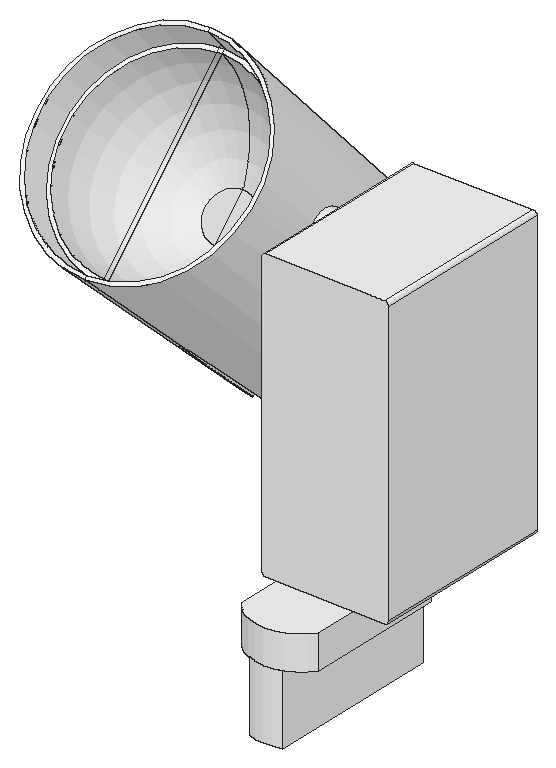
Revit family "0004926 Feilo Sylvania Lighting Fixture START TRACK SPOT S DALI 1928LM 930 WB WHT", category Lighting Fixtures, host Face, Revit 2017
Family settings
  Host = Face
  Round Connector Dimension = Use Diameter
  Part Type = Normal
  OmniClass Number = 23.80.70.00
  OmniClass Title = Lighting
  Cut with Voids When Loaded = No
  Light Source = No
  Shared = No
  Room Calculation Point = No
Parameters (values of type "0004926 START TRACK SPOT S DALI 1928LM 930 WB WHT")
  Weight = "0.966 kg"
  Wattage Comments = ""
  WarrantyStartDate [instance] = "n/a"
  WarrantyGuarantorParts = "n/a"
  WarrantyDurationUnit = "n/a"
  WarrantyDurationParts = "n/a"
  WarrantyDescription = "n/a"
  Voltage = 230 V
  URL = "http://www.sylvania-lighting.com/"
  TypeName = "START TRACK SPOT S DALI 1928LM 930 WB WHT"
  TypeHead_FEILO = Start Track Spot Head : 0004864 START TRACK SPOT S 24W 3K RA90 WB WHITE
  TypeBox_FEILO = Start Track Spot Box : Type Small White
  Type Image = <None>
  Type Comments = "n/a"
  VerticalRotation_FEILO [instance] = 0.00°
  SlideEndAngle_FEILO [instance] = VerticalRotation_FEILO + 180.00°  # 180.00°
  SerialNumber [instance] = "n/a"
  Material_3_FEILO = none
  PowerFactor = 0.95
  PowerConsumption = "24 W"
  NominalLength = 0 mm
  NominalHeight = 200 mm
  NominalDepth = 140 mm
  Name = "START TRACK SPOT S DALI 1928LM 930 WB WHT"
  ModelReference = Name  # "START TRACK SPOT S DALI 1928LM 930 WB WHT"
  ModelNumber = "0004926"
  Model = Name  # "START TRACK SPOT S DALI 1928LM 930 WB WHT"
  Material = "adc12 aluminium housing, polycarbonate diffuser"
  ManufacturerName = "Feilo Sylvania"
  Manufacturer = "Feilo Sylvania"
  LuminousEfficacy = "80 lm/W"
  LuminaireType = ""
  LightOutputRatio = "100"
  LampsType = Lamp  # "LED"
  LampNominalLuminous = "1928 lm"
  LampMacAdamStep = "3"
  LampColourTemperature = "3000 K"
  LampColourRenderingIndex = "90"
  Lamp = "LED"
  Keynote = "16500"
  InstallationDate [instance] = "n/a"
  InputVoltage = "230-240V~"
  InputNominalFrequency = "50/60 Hz"
  IngressProtection = "IP20"
  ImpactProtectionIndex = "IK02"
  IfcExportType = "IfcLightFixtureType"
  IfcExportAs = "IfcLightFixtureType"
  HorizontalRotation_FEILO [instance] = 45.00°
  ExpectedLife = 50000
  ElectricShockClassification = "Class II"
  DurationUnit = "hours"
  DocumentationLiterature = "http://www.sylvania-lighting.com/product/en-int/products/0004864"
  DimmingControlOptions = "Dimmable"
  Material_2_FEILO = none
  Description = "Integrated LED spotlight, Textured White - RAL9016, compact and minimalist design, ideal for retail applications, die-cast aluminium body, passive cooling heatsink. Beam angle: 64°, color temperature: 3000K , total system power: 24W, total fixture output: 1928 lm, LOR: 100%, colour rendering: Ra: 90 typical, LED Chromaticity: 3 step MacAdam ellipse, lifetime: >50000 hours at L70B50, energy class: A++, A+, A, IR/UV free light source without heat radiation, operating voltage: 220-240V / 50-60Hz, drive current: 600mA, electronic driver, non-dimmable, power factor: 0.95, electrical protection: Class II, Global Track 3 Phase adapter suitable for Global trac 3-circuit tracks, ingress protection rating: IP20, suitable for internal environment only, horizontal rotation: 355°, vertical tilt: 90°, dimensions: Ø86x140x200, weight: 0.966kg."
  Default Elevation = 1219.2 mm
  CreatedOn = "04/26/2018"
  CreatedBy = ""
  Cost = 0
  built-in parameter 1114216 [instance] = (empty or 0)
  ClassificationValue = "EF_70_80"
  ClassificationName = "Uniclass2015"
  Material_1_FEILO = Body-Sylvania-StartTrackSpot-White
  BarCode [instance] = "n/a"
  AssetType = "Fixed"
  AssetIdentifier [instance] = "n/a"
  Assembly Code = "D5020200"
  Apparent Load = 24 VA
  Material_4_FEILO = none
Reference planes
  plane 1 "Center (Front/Back)": y = 0
  plane 2: z = 0
  plane 3 "Center (Left/Right)": x = 0
  plane 4: x = 15
  plane 5: x = -15
  plane 6: y = 35
  plane 7: y = -35
  plane 8: z = 13
  plane 9: z = -27
  plane 10: x = 6.5
  plane 11: x = -6.5
  plane 12: y = 27
  plane 13: y = -27
  plane 14: y = 20
Forms (mm)
  Extrusion 1, solid, material "Body-Sylvania-StartTrackSpot-White" <- "Material_1_FEILO"
    sketch origin (0, 0, 0) x (1, 0, 0) y (0, 1, 0)
      loop
        line (-15, 27) -> (-15, -27)
        arc (-15, -27) -> (0, -35) -> (15, -27) r 18.062
        line (15, -27) -> (15, 27)
        arc (15, 27) -> (0, 35) -> (-15, 27) r 18.062
    from 0 to 13
  Extrusion 2, solid, material "Body-Sylvania-StartTrackSpot-White" <- "Material_1_FEILO"
    sketch origin (0, 0, 0) x (1, 0, 0) y (0, 1, 0)
      loop
        arc (6.5, 33.79) -> (0, 35) -> (-6.5, 33.79) r 18.062
        line (-6.5, 33.79) -> (-6.5, -33.79)
        arc (-6.5, -33.79) -> (0, -35) -> (6.5, -33.79) r 18.062
        line (6.5, -33.79) -> (6.5, 33.79)
    from 0 to -27
  Revolve 3, solid, not visible
    sketch origin (1524, 20, 1219.2) x (1, 0, 0) y (0, 0, 1)
      loop
        line (-1524, -1206.2) -> (-1524, -1191.285) -> (-1530.5, -1191.285) -> (-1530.5, -1206.2) -> (-1524, -1206.2)
      axis (-1524, -1191.285) -> (-1524, -1206.2)
    angle from 0 <- "VerticalRotation_FEILO" to 180 <- "SlideEndAngle_FEILO"
Cuts and joins
  joined: Extrusion 1, Extrusion 2
Dimensions and locks
  equal spacing: plane 10, plane 3 "Center (Left/Right)", plane 11
  equal spacing: plane 4, plane 3 "Center (Left/Right)", plane 5
  locked: plane 8 to plane 2 at 13
  locked: plane 8 to plane 9 at 40
  equal spacing: plane 13, plane 1 "Center (Front/Back)", plane 12
  locked: plane 12 to plane 6 at 8
  locked: plane 14 to plane 6 at 15
  locked: Revolve 3 sketch curve to plane 8 at 14.915
  aligned and locked: plane 2 to host face
  aligned and locked: level to host face
  aligned and locked: plane 5 to Extrusion 1 sketch curve  (x2)
  aligned and locked: plane 12 to Extrusion 1 sketch curve
  aligned and locked: plane 13 to Extrusion 1 sketch curve
  aligned and locked: plane 4 to Extrusion 1 sketch curve
  aligned and locked: Extrusion 1 to plane 8
  aligned and locked: Extrusion 1 to level
  aligned and locked: Extrusion 2 sketch curve to Extrusion 1  (x2)
  aligned and locked: Extrusion 2 sketch curve to plane 11
  aligned and locked: plane 10 to Extrusion 2 sketch curve
  aligned and locked: plane 9 to Extrusion 2
  aligned and locked: level to Extrusion 2
  aligned and locked: Revolve 3 sketch curve to plane 3 "Center (Left/Right)"  (x2)
  aligned and locked: plane 11 to Revolve 3 sketch curve
  aligned and locked: Revolve 3 sketch curve to plane 8
Automatic sketch dimensions
  host sketch curve to host sketch curve = 2438.4 mm  (x2)
  Extrusion 1 sketch curve to plane 3 "Center (Left/Right)" = 0 mm  (x2)
  Extrusion 1 sketch curve to plane 13 = 10.062 mm
  plane 12 to Extrusion 1 sketch curve = 10.062 mm
  Revolve 3 sketch curve to plane 3 "Center (Left/Right)" = 0 mm
  plane 9 to Revolve 3 sketch curve = 582.6 mm
  Revolve 3 sketch curve to Revolve 3 sketch curve = 2581.144 mm
Nested families
  nested 1: "Start Track Spot Head" at (-62, 20, 112.529) x (0, 0.7071, 0.7071) z (0, 0.7071, -0.7071), type <- "TypeHead_FEILO", type "0004864 START TRACK SPOT S 24W 3K RA90 WB WHITE"
    with built-in parameter 1114216 (empty or 0)
  nested 2: "Start Track Spot Box" at (8.5, 20, 73) x (-1, 0, 0) z (0, -1, 0), BoxStartAngle_FEILO <- "HorizontalRotation_FEILO", type <- "TypeBox_FEILO", type "Type Small White"
    with BoxStartAngle_FEILO 45.00°, BoxEndAngle_FEILO -135.00°
Connectors
  electrical at (0, 0, 0), driven by "Apparent Load", driven by "PowerFactor", driven by "Voltage"
    settings: index 1, voltage 230 V, apparent load 24 VA, apparent load phase1 0 VA, apparent load phase2 0 VA, apparent load phase3 0 VA, power factor 0.95, load classification "Lighting", number of poles 1, system type 30, power factor state 1, is connector primary yes, connector utility no, sub classification motor no, connector description ""
Definition of nested family "Start Track Spot Head"
  Parameters (values of type "0004811 START TRACK SPOT S 14W 3K RA80 NB WHITE")
    Wattage Comments = "n/a"
    Wattage = 14 W
    built-in parameter 1150110 = 1 (stored number, unit not read)
    URL = "http://www.feilosylvania.com"
    Type Image = (empty or 0)
    Type Comments = "n/a"
    built-in parameter 1114217 = 1 (stored number, unit not read)
    Tilt Angle = -90.00°
    built-in parameter 1150109 = 1 (stored number, unit not read)
    built-in parameter 1150134 = (empty or 0)
    built-in parameter 1150113 = 1 (stored number, unit not read)
    Photometric Web File = "0004811.ies"
    Material_3_FEILO = none
    Model = "START TRACK SPOT S 14W 3K RA80 NB WHITE"
    Manufacturer = "Feilo Sylvania"
    built-in parameter 1150105 = 123.66 (stored number, unit not read)
    Lumens = 1554 lm
    built-in parameter 1150115 = 1 (stored number, unit not read)
    built-in parameter 1150137 = (empty or 0)
    built-in parameter 1150139 = (empty or 0)
    built-in parameter 1150112 = 1 (stored number, unit not read)
    built-in parameter 1150114 = 1 (stored number, unit not read)
    Lamp = "LED"
    Keynote = "16500"
    Material_2_FEILO = none
    built-in parameter 1150132 = (empty or 0)
    built-in parameter 1150102 = (empty or 0)
    built-in parameter 1150107 = 3000 (stored number, unit not read)
    built-in parameter 1150138 = (empty or 0)
    built-in parameter 1150106 = 1.2366 (stored number, unit not read)
    HeadThickness_FEILO = if(HeadDiaOut_FEILO > 112 mm, 2 mm, 1.5 mm)  # 1.5 mm
    HeadRibOffset_FEILO = HeadHeight_FEILO / 28  # 4.179 mm
    HeadRibDepth_FEILO = HeadHeight_FEILO / 2.1  # 55.714 mm
    HeadRibCutWidth_FEILO = HeadDiaOut_FEILO / 12  # 7.167 mm
    HeadRibCutOffset_FEILO = HeadHeight_FEILO / 2.3  # 50.87 mm
    HeadReflectorRadius_FEILO = HeadDiaOut_FEILO / 1.7  # 50.588 mm
    HeadReflectorOffset_FEILO = HeadHeight_FEILO / 2.1  # 55.714 mm
    HeadLEDRadius_FEILO = HeadDiaOut_FEILO / 9  # 9.556 mm
    HeadHeight_FEILO = 117 mm
    HeadDraft_FEILO = 1 mm
    HeadDiffusorThickness_FEILO = 3 mm
    HeadDiffusorOffset_FEILO = HeadHeight_FEILO / 12.4  # 9.435 mm
    HeadDiaOut_FEILO = 86 mm
    HeadDiaIn_FEILO = HeadDiaOut_FEILO / 1.11  # 77.477 mm
    HeadAxisFromTop_FEILO = HeadHeight_FEILO / 1.687  # 69.354 mm
    Emit from Circle Diameter = HeadDiaIn_FEILO  # 77.477 mm
    Emit Shape Visible in Rendering = no
    built-in parameter 1150104 = 10.312 (stored number, unit not read)
    Dimming Lamp Color Temperature Shift = (empty or 0)
    Description = "Integrated LED spotlight, Textured White - RAL9016, compact and minimalist design, ideal for retail applications, die-cast aluminium body, passive cooling heatsink. Beam angle: 12°, color temperature: 3000K , total system power: 14W, total fixture output: 1551 lm, LOR: 100%, colour rendering: Ra: 80 typical, LED Chromaticity: 3 step MacAdam ellipse, lifetime: >50000 hours at L70B50, energy class: A++, A+, A, IR/UV free light source without heat radiation, operating voltage: 220-240V / 50-60Hz, drive current: 350mA, electronic driver, non-dimmable, power factor: 0.92, electrical protection: Class II, Global Track 3 Phase adapter suitable for Global trac 3-circuit tracks, ingress protection rating: IP20, suitable for internal environment only, horizontal rotation: 355°, vertical tilt: 90°, dimensions: Ø86x140x200, weight: 0.940kg."
    Default Elevation = 1219.2 mm
    Cost = 0
    Color Filter = 16777215
    built-in parameter 1114216 [instance] = (empty or 0)
    Material_1_FEILO = none
    built-in parameter 1114218 = 1 (stored number, unit not read)
    built-in parameter 1150133 = 10 (stored number, unit not read)
    Assembly Code = "D5020200"
    Apparent Load = 14 VA
    Material_4_FEILO = none
  Types (96, lengths in mm): name | Wattage | built-in parameter 1150134 | Photometric Web File | Model | built-in parameter 1150105 | Lumens | built-in parameter 1150107 | built-in parameter 1150106 | HeadThickness_FEILO | HeadRibOffset_FEILO | HeadRibDepth_FEILO | HeadRibCutWidth_FEILO | HeadRibCutOffset_FEILO | HeadReflectorRadius_FEILO | HeadReflectorOffset_FEILO | HeadLEDRadius_FEILO | HeadHeight_FEILO | HeadDiffusorOffset_FEILO | HeadDiaOut_FEILO | HeadDiaIn_FEILO | HeadAxisFromTop_FEILO | Emit from Circle Diameter | built-in parameter 1150104 | Description | Apparent Load
    0004906 START TRACK SPOT L 55W 4K RA90 WB BLACK | 55 W | 12 | "0004906.ies" | "START TRACK SPOT L 55W 4K RA90 WB BLACK" | 385.15 (stored number, unit not read) | 4840 lm | 4000 (stored number, unit not read) | 3.8515 (stored number, unit not read) | 2 | 4.429 | 59.048 | 9.417 | 53.913 | 66.471 | 59.048 | 12.556 | 124 | 10 | 113 | 101.802 | 73.503 | 101.802 | 8.1755 (stored number, unit not read) | "Integrated LED spotlight, Textured Black - RAL9005, compact and minimalist design, ideal for retail applications, die-cast aluminium body, passive cooling heatsink. Beam angle: 52°, color temperature: 4000K , total system power: 55W, total fixture output: 4824 lm, LOR: 100%, colour rendering: Ra: 90 typical, LED Chromaticity: 3 step MacAdam ellipse, lifetime: >50000 hours at L70B50, energy class: A++, A+, A, IR/UV free light source without heat radiation, operating voltage: 220-240V / 50-60Hz, drive current: 1400mA, electronic driver, non-dimmable, power factor: 0.96, electrical protection: Class II, Global Track 3 Phase adapter suitable for Global trac 3-circuit tracks, ingress protection rating: IP20, suitable for internal environment only, horizontal rotation: 355°, vertical tilt: 90°, dimensions: Ø113x164x240, weight: 1.398kg." | 55 VA
    0004905 START TRACK SPOT L 55W 4K RA90 MB BLACK | 55 W | 12 | "0004905.ies" | "START TRACK SPOT L 55W 4K RA90 MB BLACK" | 389.53 (stored number, unit not read) | 4895 lm | 4000 (stored number, unit not read) | 3.8953 (stored number, unit not read) | 2 | 4.429 | 59.048 | 9.417 | 53.913 | 66.471 | 59.048 | 12.556 | 124 | 10 | 113 | 101.802 | 73.503 | 101.802 | 8.2684 (stored number, unit not read) | "Integrated LED spotlight, Textured Black - RAL9005, compact and minimalist design, ideal for retail applications, die-cast aluminium body, passive cooling heatsink. Beam angle: 38°, color temperature: 4000K , total system power: 55W, total fixture output: 4897 lm, LOR: 100%, colour rendering: Ra: 90 typical, LED Chromaticity: 3 step MacAdam ellipse, lifetime: >50000 hours at L70B50, energy class: A++, A+, A, IR/UV free light source without heat radiation, operating voltage: 220-240V / 50-60Hz, drive current: 1400mA, electronic driver, non-dimmable, power factor: 0.96, electrical protection: Class II, Global Track 3 Phase adapter suitable for Global trac 3-circuit tracks, ingress protection rating: IP20, suitable for internal environment only, horizontal rotation: 355°, vertical tilt: 90°, dimensions: Ø113x164x240, weight: 1.398kg." | 55 VA
    0004904 START TRACK SPOT L 55W 4K RA90 NB BLACK | 55 W | 12 | "0004904.ies" | "START TRACK SPOT L 55W 4K RA90 NB BLACK" | 393.91 (stored number, unit not read) | 4950 lm | 4000 (stored number, unit not read) | 3.9391 (stored number, unit not read) | 2 | 4.429 | 59.048 | 9.417 | 53.913 | 66.471 | 59.048 | 12.556 | 124 | 10 | 113 | 101.802 | 73.503 | 101.802 | 8.3613 (stored number, unit not read) | "Integrated LED spotlight, Textured Black - RAL9005, compact and minimalist design, ideal for retail applications, die-cast aluminium body, passive cooling heatsink. Beam angle: 15°, color temperature: 4000K , total system power: 55W, total fixture output: 4965 lm, LOR: 100%, colour rendering: Ra: 90 typical, LED Chromaticity: 3 step MacAdam ellipse, lifetime: >50000 hours at L70B50, energy class: A++, A+, A, IR/UV free light source without heat radiation, operating voltage: 220-240V / 50-60Hz, drive current: 1400mA, electronic driver, non-dimmable, power factor: 0.96, electrical protection: Class II, Global Track 3 Phase adapter suitable for Global trac 3-circuit tracks, ingress protection rating: IP20, suitable for internal environment only, horizontal rotation: 355°, vertical tilt: 90°, dimensions: Ø113x164x240, weight: 1.398kg." | 55 VA
    0004903 START TRACK SPOT L 35W 4K RA90 WB BLACK | 35 W | 12 | "0004903.ies" | "START TRACK SPOT L 35W 4K RA90 WB BLACK" | 284.09 (stored number, unit not read) | 3570 lm | 4000 (stored number, unit not read) | 2.8409 (stored number, unit not read) | 2 | 4.429 | 59.048 | 9.417 | 53.913 | 66.471 | 59.048 | 12.556 | 124 | 10 | 113 | 101.802 | 73.503 | 101.802 | 9.4761 (stored number, unit not read) | "Integrated LED spotlight, Textured Black - RAL9005, compact and minimalist design, ideal for retail applications, die-cast aluminium body, passive cooling heatsink. Beam angle: 52°, color temperature: 4000K , total system power: 35W, total fixture output: 3562 lm, LOR: 100%, colour rendering: Ra: 90 typical, LED Chromaticity: 3 step MacAdam ellipse, lifetime: >50000 hours at L70B50, energy class: A++, A+, A, IR/UV free light source without heat radiation, operating voltage: 220-240V / 50-60Hz, drive current: 900mA, electronic driver, non-dimmable, power factor: 0.93, electrical protection: Class II, Global Track 3 Phase adapter suitable for Global trac 3-circuit tracks, ingress protection rating: IP20, suitable for internal environment only, horizontal rotation: 355°, vertical tilt: 90°, dimensions: Ø113x164x240, weight: 1.368kg." | 35 VA
    0004902 START TRACK SPOT L 35W 4K RA90 MB BLACK | 35 W | 12 | "0004902.ies" | "START TRACK SPOT L 35W 4K RA90 MB BLACK" | 286.88 (stored number, unit not read) | 3605 lm | 4000 (stored number, unit not read) | 2.8688 (stored number, unit not read) | 2 | 4.429 | 59.048 | 9.417 | 53.913 | 66.471 | 59.048 | 12.556 | 124 | 10 | 113 | 101.802 | 73.503 | 101.802 | 9.569 (stored number, unit not read) | "Integrated LED spotlight, Textured Black - RAL9005, compact and minimalist design, ideal for retail applications, die-cast aluminium body, passive cooling heatsink. Beam angle: 38°, color temperature: 4000K , total system power: 35W, total fixture output: 3616 lm, LOR: 100%, colour rendering: Ra: 90 typical, LED Chromaticity: 3 step MacAdam ellipse, lifetime: >50000 hours at L70B50, energy class: A++, A+, A, IR/UV free light source without heat radiation, operating voltage: 220-240V / 50-60Hz, drive current: 900mA, electronic driver, non-dimmable, power factor: 0.93, electrical protection: Class II, Global Track 3 Phase adapter suitable for Global trac 3-circuit tracks, ingress protection rating: IP20, suitable for internal environment only, horizontal rotation: 355°, vertical tilt: 90°, dimensions: Ø113x164x240, weight: 1.368kg." | 35 VA
    0004901 START TRACK SPOT L 35W 4K RA90 NB BLACK | 35 W | 12 | "0004901.ies" | "START TRACK SPOT L 35W 4K RA90 NB BLACK" | 286.88 (stored number, unit not read) | 3605 lm | 4000 (stored number, unit not read) | 2.8688 (stored number, unit not read) | 2 | 4.429 | 59.048 | 9.417 | 53.913 | 66.471 | 59.048 | 12.556 | 124 | 10 | 113 | 101.802 | 73.503 | 101.802 | 9.569 (stored number, unit not read) | "Integrated LED spotlight, Textured Black - RAL9005, compact and minimalist design, ideal for retail applications, die-cast aluminium body, passive cooling heatsink. Beam angle: 15°, color temperature: 4000K , total system power: 35W, total fixture output: 3593 lm, LOR: 100%, colour rendering: Ra: 90 typical, LED Chromaticity: 3 step MacAdam ellipse, lifetime: >50000 hours at L70B50, energy class: A++, A+, A, IR/UV free light source without heat radiation, operating voltage: 220-240V / 50-60Hz, drive current: 900mA, electronic driver, non-dimmable, power factor: 0.93, electrical protection: Class II, Global Track 3 Phase adapter suitable for Global trac 3-circuit tracks, ingress protection rating: IP20, suitable for internal environment only, horizontal rotation: 355°, vertical tilt: 90°, dimensions: Ø113x164x240, weight: 1.368kg." | 35 VA
    0004900 START TRACK SPOT S 24W 4K RA90 WB BLACK | 24 W | 12 | "0004900.ies" | "START TRACK SPOT S 24W 4K RA90 WB BLACK" | 166.16 (stored number, unit not read) | 2088 lm | 4000 (stored number, unit not read) | 1.6616 (stored number, unit not read) | 1.5 | 4.179 | 55.714 | 7.167 | 50.87 | 50.588 | 55.714 | 9.556 | 117 | 9.435 | 86 | 77.477 | 69.354 | 77.477 | 8.0826 (stored number, unit not read) | "Integrated LED spotlight, Textured Black - RAL9005, compact and minimalist design, ideal for retail applications, die-cast aluminium body, passive cooling heatsink. Beam angle: 64°, color temperature: 4000K , total system power: 24W, total fixture output: 2087 lm, LOR: 100%, colour rendering: Ra: 90 typical, LED Chromaticity: 3 step MacAdam ellipse, lifetime: >50000 hours at L70B50, energy class: A++, A+, A, IR/UV free light source without heat radiation, operating voltage: 220-240V / 50-60Hz, drive current: 600mA, electronic driver, non-dimmable, power factor: 0.95, electrical protection: Class II, Global Track 3 Phase adapter suitable for Global trac 3-circuit tracks, ingress protection rating: IP20, suitable for internal environment only, horizontal rotation: 355°, vertical tilt: 90°, dimensions: Ø86x140x200, weight: 0.966kg." | 24 VA
    0004899 START TRACK SPOT S 24W 4K RA90 MB BLACK | 24 W | 12 | "0004899.ies" | "START TRACK SPOT S 24W 4K RA90 MB BLACK" | 169.98 (stored number, unit not read) | 2136 lm | 4000 (stored number, unit not read) | 1.6998 (stored number, unit not read) | 1.5 | 4.179 | 55.714 | 7.167 | 50.87 | 50.588 | 55.714 | 9.556 | 117 | 9.435 | 86 | 77.477 | 69.354 | 77.477 | 8.2684 (stored number, unit not read) | "Integrated LED spotlight, Textured Black - RAL9005, compact and minimalist design, ideal for retail applications, die-cast aluminium body, passive cooling heatsink. Beam angle: 36°, color temperature: 4000K , total system power: 24W, total fixture output: 2141 lm, LOR: 100%, colour rendering: Ra: 90 typical, LED Chromaticity: 3 step MacAdam ellipse, lifetime: >50000 hours at L70B50, energy class: A++, A+, A, IR/UV free light source without heat radiation, operating voltage: 220-240V / 50-60Hz, drive current: 600mA, electronic driver, non-dimmable, power factor: 0.95, electrical protection: Class II, Global Track 3 Phase adapter suitable for Global trac 3-circuit tracks, ingress protection rating: IP20, suitable for internal environment only, horizontal rotation: 355°, vertical tilt: 90°, dimensions: Ø86x140x200, weight: 0.966kg." | 24 VA
    0004898 START TRACK SPOT S 24W 4K RA90 NB BLACK | 24 W | 12 | "0004898.ies" | "START TRACK SPOT S 24W 4K RA90 NB BLACK" | 171.89 (stored number, unit not read) | 2160 lm | 4000 (stored number, unit not read) | 1.7189 (stored number, unit not read) | 1.5 | 4.179 | 55.714 | 7.167 | 50.87 | 50.588 | 55.714 | 9.556 | 117 | 9.435 | 86 | 77.477 | 69.354 | 77.477 | 8.3613 (stored number, unit not read) | "Integrated LED spotlight, Textured Black - RAL9005, compact and minimalist design, ideal for retail applications, die-cast aluminium body, passive cooling heatsink. Beam angle: 12°, color temperature: 4000K , total system power: 24W, total fixture output: 2155 lm, LOR: 100%, colour rendering: Ra: 90 typical, LED Chromaticity: 3 step MacAdam ellipse, lifetime: >50000 hours at L70B50, energy class: A++, A+, A, IR/UV free light source without heat radiation, operating voltage: 220-240V / 50-60Hz, drive current: 600mA, electronic driver, non-dimmable, power factor: 0.95, electrical protection: Class II, Global Track 3 Phase adapter suitable for Global trac 3-circuit tracks, ingress protection rating: IP20, suitable for internal environment only, horizontal rotation: 355°, vertical tilt: 90°, dimensions: Ø86x140x200, weight: 0.966kg." | 24 VA
    0004897 START TRACK SPOT S 14W 4K RA90 WB BLACK | 14 W | 12 | "0004897.ies" | "START TRACK SPOT S 14W 4K RA90 WB BLACK" | 108.07 (stored number, unit not read) | 1358 lm | 4000 (stored number, unit not read) | 1.0807 (stored number, unit not read) | 1.5 | 4.179 | 55.714 | 7.167 | 50.87 | 50.588 | 55.714 | 9.556 | 117 | 9.435 | 86 | 77.477 | 69.354 | 77.477 | 9.0116 (stored number, unit not read) | "Integrated LED spotlight, Textured Black - RAL9005, compact and minimalist design, ideal for retail applications, die-cast aluminium body, passive cooling heatsink. Beam angle: 64°, color temperature: 4000K , total system power: 14W, total fixture output: 1352 lm, LOR: 100%, colour rendering: Ra: 90 typical, LED Chromaticity: 3 step MacAdam ellipse, lifetime: >50000 hours at L70B50, energy class: A++, A+, A, IR/UV free light source without heat radiation, operating voltage: 220-240V / 50-60Hz, drive current: 350mA, electronic driver, non-dimmable, power factor: 0.92, electrical protection: Class II, Global Track 3 Phase adapter suitable for Global trac 3-circuit tracks, ingress protection rating: IP20, suitable for internal environment only, horizontal rotation: 355°, vertical tilt: 90°, dimensions: Ø86x140x200, weight: 0.940kg." | 14 VA
    0004896 START TRACK SPOT S 14W 4K RA90 MB BLACK | 14 W | 12 | "0004896.ies" | "START TRACK SPOT S 14W 4K RA90 MB BLACK" | 108.07 (stored number, unit not read) | 1358 lm | 4000 (stored number, unit not read) | 1.0807 (stored number, unit not read) | 1.5 | 4.179 | 55.714 | 7.167 | 50.87 | 50.588 | 55.714 | 9.556 | 117 | 9.435 | 86 | 77.477 | 69.354 | 77.477 | 9.0116 (stored number, unit not read) | "Integrated LED spotlight, Textured Black - RAL9005, compact and minimalist design, ideal for retail applications, die-cast aluminium body, passive cooling heatsink. Beam angle: 36°, color temperature: 4000K , total system power: 14W, total fixture output: 1359 lm, LOR: 100%, colour rendering: Ra: 90 typical, LED Chromaticity: 3 step MacAdam ellipse, lifetime: >50000 hours at L70B50, energy class: A++, A+, A, IR/UV free light source without heat radiation, operating voltage: 220-240V / 50-60Hz, drive current: 350mA, electronic driver, non-dimmable, power factor: 0.92, electrical protection: Class II, Global Track 3 Phase adapter suitable for Global trac 3-circuit tracks, ingress protection rating: IP20, suitable for internal environment only, horizontal rotation: 355°, vertical tilt: 90°, dimensions: Ø86x140x200, weight: 0.940kg." | 14 VA
    0004895 START TRACK SPOT S 14W 4K RA90 NB BLACK | 14 W | 12 | "0004895.ies" | "START TRACK SPOT S 14W 4K RA90 NB BLACK" | 106.95 (stored number, unit not read) | 1344 lm | 4000 (stored number, unit not read) | 1.0695 (stored number, unit not read) | 1.5 | 4.179 | 55.714 | 7.167 | 50.87 | 50.588 | 55.714 | 9.556 | 117 | 9.435 | 86 | 77.477 | 69.354 | 77.477 | 8.9187 (stored number, unit not read) | "Integrated LED spotlight, Textured Black - RAL9005, compact and minimalist design, ideal for retail applications, die-cast aluminium body, passive cooling heatsink. Beam angle: 12°, color temperature: 4000K , total system power: 14W, total fixture output: 1349 lm, LOR: 100%, colour rendering: Ra: 90 typical, LED Chromaticity: 3 step MacAdam ellipse, lifetime: >50000 hours at L70B50, energy class: A++, A+, A, IR/UV free light source without heat radiation, operating voltage: 220-240V / 50-60Hz, drive current: 350mA, electronic driver, non-dimmable, power factor: 0.92, electrical protection: Class II, Global Track 3 Phase adapter suitable for Global trac 3-circuit tracks, ingress protection rating: IP20, suitable for internal environment only, horizontal rotation: 355°, vertical tilt: 90°, dimensions: Ø86x140x200, weight: 0.940kg." | 14 VA
    0004894 START TRACK SPOT L 55W 3K RA90 WB BLACK | 55 W | (empty or 0) | "0004894.ies" | "START TRACK SPOT L 55W 3K RA90 WB BLACK" | 350.14 (stored number, unit not read) | 4400 lm | 3000 (stored number, unit not read) | 3.5014 (stored number, unit not read) | 2 | 4.429 | 59.048 | 9.417 | 53.913 | 66.471 | 59.048 | 12.556 | 124 | 10 | 113 | 101.802 | 73.503 | 101.802 | 7.4322 (stored number, unit not read) | "Integrated LED spotlight, Textured Black - RAL9005, compact and minimalist design, ideal for retail applications, die-cast aluminium body, passive cooling heatsink. Beam angle: 52°, color temperature: 3000K , total system power: 55W, total fixture output: 4405 lm, LOR: 100%, colour rendering: Ra: 90 typical, LED Chromaticity: 3 step MacAdam ellipse, lifetime: >50000 hours at L70B50, energy class: A++, A+, A, IR/UV free light source without heat radiation, operating voltage: 220-240V / 50-60Hz, drive current: 1400mA, electronic driver, non-dimmable, power factor: 0.96, electrical protection: Class II, Global Track 3 Phase adapter suitable for Global trac 3-circuit tracks, ingress protection rating: IP20, suitable for internal environment only, horizontal rotation: 355°, vertical tilt: 90°, dimensions: Ø113x164x240, weight: 1.398kg." | 55 VA
    0004893 START TRACK SPOT L 55W 3K RA90 MB BLACK | 55 W | (empty or 0) | "0004893.ies" | "START TRACK SPOT L 55W 3K RA90 MB BLACK" | 354.52 (stored number, unit not read) | 4455 lm | 3000 (stored number, unit not read) | 3.5452 (stored number, unit not read) | 2 | 4.429 | 59.048 | 9.417 | 53.913 | 66.471 | 59.048 | 12.556 | 124 | 10 | 113 | 101.802 | 73.503 | 101.802 | 7.5251 (stored number, unit not read) | "Integrated LED spotlight, Textured Black - RAL9005, compact and minimalist design, ideal for retail applications, die-cast aluminium body, passive cooling heatsink. Beam angle: 38°, color temperature: 3000K , total system power: 55W, total fixture output: 4448 lm, LOR: 100%, colour rendering: Ra: 90 typical, LED Chromaticity: 3 step MacAdam ellipse, lifetime: >50000 hours at L70B50, energy class: A++, A+, A, IR/UV free light source without heat radiation, operating voltage: 220-240V / 50-60Hz, drive current: 1400mA, electronic driver, non-dimmable, power factor: 0.96, electrical protection: Class II, Global Track 3 Phase adapter suitable for Global trac 3-circuit tracks, ingress protection rating: IP20, suitable for internal environment only, horizontal rotation: 355°, vertical tilt: 90°, dimensions: Ø113x164x240, weight: 1.398kg." | 55 VA
    0004892 START TRACK SPOT L 55W 3K RA90 NB BLACK | 55 W | (empty or 0) | "0004892.ies" | "START TRACK SPOT L 55W 3K RA90 NB BLACK" | 350.14 (stored number, unit not read) | 4400 lm | 3000 (stored number, unit not read) | 3.5014 (stored number, unit not read) | 2 | 4.429 | 59.048 | 9.417 | 53.913 | 66.471 | 59.048 | 12.556 | 124 | 10 | 113 | 101.802 | 73.503 | 101.802 | 7.4322 (stored number, unit not read) | "Integrated LED spotlight, Textured Black - RAL9005, compact and minimalist design, ideal for retail applications, die-cast aluminium body, passive cooling heatsink. Beam angle: 15°, color temperature: 3000K , total system power: 55W, total fixture output: 4416 lm, LOR: 100%, colour rendering: Ra: 90 typical, LED Chromaticity: 3 step MacAdam ellipse, lifetime: >50000 hours at L70B50, energy class: A++, A+, A, IR/UV free light source without heat radiation, operating voltage: 220-240V / 50-60Hz, drive current: 1400mA, electronic driver, non-dimmable, power factor: 0.96, electrical protection: Class II, Global Track 3 Phase adapter suitable for Global trac 3-circuit tracks, ingress protection rating: IP20, suitable for internal environment only, horizontal rotation: 355°, vertical tilt: 90°, dimensions: Ø113x164x240, weight: 1.398kg." | 55 VA
    0004891 START TRACK SPOT L 35W 3K RA90 WB BLACK | 35 W | (empty or 0) | "0004891.ies" | "START TRACK SPOT L 35W 3K RA90 WB BLACK" | 259.02 (stored number, unit not read) | 3255 lm | 3000 (stored number, unit not read) | 2.5902 (stored number, unit not read) | 2 | 4.429 | 59.048 | 9.417 | 53.913 | 66.471 | 59.048 | 12.556 | 124 | 10 | 113 | 101.802 | 73.503 | 101.802 | 8.64 (stored number, unit not read) | "Integrated LED spotlight, Textured Black - RAL9005, compact and minimalist design, ideal for retail applications, die-cast aluminium body, passive cooling heatsink. Beam angle: 52°, color temperature: 3000K , total system power: 35W, total fixture output: 3260 lm, LOR: 100%, colour rendering: Ra: 90 typical, LED Chromaticity: 3 step MacAdam ellipse, lifetime: >50000 hours at L70B50, energy class: A++, A+, A, IR/UV free light source without heat radiation, operating voltage: 220-240V / 50-60Hz, drive current: 900mA, electronic driver, non-dimmable, power factor: 0.93, electrical protection: Class II, Global Track 3 Phase adapter suitable for Global trac 3-circuit tracks, ingress protection rating: IP20, suitable for internal environment only, horizontal rotation: 355°, vertical tilt: 90°, dimensions: Ø113x164x240, weight: 1.368kg." | 35 VA
    0004890 START TRACK SPOT L 35W 3K RA90 MB BLACK | 35 W | (empty or 0) | "0004890.ies" | "START TRACK SPOT L 35W 3K RA90 MB BLACK" | 261.81 (stored number, unit not read) | 3290 lm | 3000 (stored number, unit not read) | 2.6181 (stored number, unit not read) | 2 | 4.429 | 59.048 | 9.417 | 53.913 | 66.471 | 59.048 | 12.556 | 124 | 10 | 113 | 101.802 | 73.503 | 101.802 | 8.7329 (stored number, unit not read) | "Integrated LED spotlight, Textured Black - RAL9005, compact and minimalist design, ideal for retail applications, die-cast aluminium body, passive cooling heatsink. Beam angle: 38°, color temperature: 3000K , total system power: 35W, total fixture output: 3306 lm, LOR: 100%, colour rendering: Ra: 90 typical, LED Chromaticity: 3 step MacAdam ellipse, lifetime: >50000 hours at L70B50, energy class: A++, A+, A, IR/UV free light source without heat radiation, operating voltage: 220-240V / 50-60Hz, drive current: 900mA, electronic driver, non-dimmable, power factor: 0.93, electrical protection: Class II, Global Track 3 Phase adapter suitable for Global trac 3-circuit tracks, ingress protection rating: IP20, suitable for internal environment only, horizontal rotation: 355°, vertical tilt: 90°, dimensions: Ø113x164x240, weight: 1.368kg." | 35 VA
    0004889 START TRACK SPOT L 35W 3K RA90 NB BLACK | 35 W | (empty or 0) | "0004889.ies" | "START TRACK SPOT L 35W 3K RA90 NB BLACK" | 261.81 (stored number, unit not read) | 3290 lm | 3000 (stored number, unit not read) | 2.6181 (stored number, unit not read) | 2 | 4.429 | 59.048 | 9.417 | 53.913 | 66.471 | 59.048 | 12.556 | 124 | 10 | 113 | 101.802 | 73.503 | 101.802 | 8.7329 (stored number, unit not read) | "Integrated LED spotlight, Textured Black - RAL9005, compact and minimalist design, ideal for retail applications, die-cast aluminium body, passive cooling heatsink. Beam angle: 15°, color temperature: 3000K , total system power: 35W, total fixture output: 3287 lm, LOR: 100%, colour rendering: Ra: 90 typical, LED Chromaticity: 3 step MacAdam ellipse, lifetime: >50000 hours at L70B50, energy class: A++, A+, A, IR/UV free light source without heat radiation, operating voltage: 220-240V / 50-60Hz, drive current: 900mA, electronic driver, non-dimmable, power factor: 0.93, electrical protection: Class II, Global Track 3 Phase adapter suitable for Global trac 3-circuit tracks, ingress protection rating: IP20, suitable for internal environment only, horizontal rotation: 355°, vertical tilt: 90°, dimensions: Ø113x164x240, weight: 1.368kg." | 35 VA
    0004888 START TRACK SPOT S 24W 3K RA90 WB BLACK | 24 W | (empty or 0) | "0004888.ies" | "START TRACK SPOT S 24W 3K RA90 WB BLACK" | 152.79 (stored number, unit not read) | 1920 lm | 3000 (stored number, unit not read) | 1.5279 (stored number, unit not read) | 1.5 | 4.179 | 55.714 | 7.167 | 50.87 | 50.588 | 55.714 | 9.556 | 117 | 9.435 | 86 | 77.477 | 69.354 | 77.477 | 7.4322 (stored number, unit not read) | "Integrated LED spotlight, Textured Black - RAL9005, compact and minimalist design, ideal for retail applications, die-cast aluminium body, passive cooling heatsink. Beam angle: 64°, color temperature: 3000K , total system power: 24W, total fixture output: 1928 lm, LOR: 100%, colour rendering: Ra: 90 typical, LED Chromaticity: 3 step MacAdam ellipse, lifetime: >50000 hours at L70B50, energy class: A++, A+, A, IR/UV free light source without heat radiation, operating voltage: 220-240V / 50-60Hz, drive current: 600mA, electronic driver, non-dimmable, power factor: 0.95, electrical protection: Class II, Global Track 3 Phase adapter suitable for Global trac 3-circuit tracks, ingress protection rating: IP20, suitable for internal environment only, horizontal rotation: 355°, vertical tilt: 90°, dimensions: Ø86x140x200, weight: 0.966kg." | 24 VA
    0004887 START TRACK SPOT S 24W 3K RA90 MB BLACK | 24 W | (empty or 0) | "0004887.ies" | "START TRACK SPOT S 24W 3K RA90 MB BLACK" | 154.7 (stored number, unit not read) | 1944 lm | 3000 (stored number, unit not read) | 1.547 (stored number, unit not read) | 1.5 | 4.179 | 55.714 | 7.167 | 50.87 | 50.588 | 55.714 | 9.556 | 117 | 9.435 | 86 | 77.477 | 69.354 | 77.477 | 7.5251 (stored number, unit not read) | "Integrated LED spotlight, Textured Black - RAL9005, compact and minimalist design, ideal for retail applications, die-cast aluminium body, passive cooling heatsink. Beam angle: 36°, color temperature: 3000K , total system power: 24W, total fixture output: 1944 lm, LOR: 100%, colour rendering: Ra: 90 typical, LED Chromaticity: 3 step MacAdam ellipse, lifetime: >50000 hours at L70B50, energy class: A++, A+, A, IR/UV free light source without heat radiation, operating voltage: 220-240V / 50-60Hz, drive current: 600mA, electronic driver, non-dimmable, power factor: 0.95, electrical protection: Class II, Global Track 3 Phase adapter suitable for Global trac 3-circuit tracks, ingress protection rating: IP20, suitable for internal environment only, horizontal rotation: 355°, vertical tilt: 90°, dimensions: Ø86x140x200, weight: 0.966kg." | 24 VA
    0004886 START TRACK SPOT S 24W 3K RA90 NB BLACK | 24 W | (empty or 0) | "0004886.ies" | "START TRACK SPOT S 24W 3K RA90 NB BLACK" | 158.52 (stored number, unit not read) | 1992 lm | 3000 (stored number, unit not read) | 1.5852 (stored number, unit not read) | 1.5 | 4.179 | 55.714 | 7.167 | 50.87 | 50.588 | 55.714 | 9.556 | 117 | 9.435 | 86 | 77.477 | 69.354 | 77.477 | 7.711 (stored number, unit not read) | "Integrated LED spotlight, Textured Black - RAL9005, compact and minimalist design, ideal for retail applications, die-cast aluminium body, passive cooling heatsink. Beam angle: 12°, color temperature: 3000K , total system power: 24W, total fixture output: 1987 lm, LOR: 100%, colour rendering: Ra: 90 typical, LED Chromaticity: 3 step MacAdam ellipse, lifetime: >50000 hours at L70B50, energy class: A++, A+, A, IR/UV free light source without heat radiation, operating voltage: 220-240V / 50-60Hz, drive current: 600mA, electronic driver, non-dimmable, power factor: 0.95, electrical protection: Class II, Global Track 3 Phase adapter suitable for Global trac 3-circuit tracks, ingress protection rating: IP20, suitable for internal environment only, horizontal rotation: 355°, vertical tilt: 90°, dimensions: Ø86x140x200, weight: 0.966kg." | 24 VA
    0004885 START TRACK SPOT S 14W 3K RA90 WB BLACK | 14 W | (empty or 0) | "0004885.ies" | "START TRACK SPOT S 14W 3K RA90 WB BLACK" | 100.27 (stored number, unit not read) | 1260 lm | 3000 (stored number, unit not read) | 1.0027 (stored number, unit not read) | 1.5 | 4.179 | 55.714 | 7.167 | 50.87 | 50.588 | 55.714 | 9.556 | 117 | 9.435 | 86 | 77.477 | 69.354 | 77.477 | 8.3613 (stored number, unit not read) | "Integrated LED spotlight, Textured Black - RAL9005, compact and minimalist design, ideal for retail applications, die-cast aluminium body, passive cooling heatsink. Beam angle: 64°, color temperature: 3000K , total system power: 14W, total fixture output: 1262 lm, LOR: 100%, colour rendering: Ra: 90 typical, LED Chromaticity: 3 step MacAdam ellipse, lifetime: >50000 hours at L70B50, energy class: A++, A+, A, IR/UV free light source without heat radiation, operating voltage: 220-240V / 50-60Hz, drive current: 350mA, electronic driver, non-dimmable, power factor: 0.92, electrical protection: Class II, Global Track 3 Phase adapter suitable for Global trac 3-circuit tracks, ingress protection rating: IP20, suitable for internal environment only, horizontal rotation: 355°, vertical tilt: 90°, dimensions: Ø86x140x200, weight: 0.940kg." | 14 VA
    0004884 START TRACK SPOT S 14W 3K RA90 MB BLACK | 14 W | (empty or 0) | "0004884.ies" | "START TRACK SPOT S 14W 3K RA90 MB BLACK" | 100.27 (stored number, unit not read) | 1260 lm | 3000 (stored number, unit not read) | 1.0027 (stored number, unit not read) | 1.5 | 4.179 | 55.714 | 7.167 | 50.87 | 50.588 | 55.714 | 9.556 | 117 | 9.435 | 86 | 77.477 | 69.354 | 77.477 | 8.3613 (stored number, unit not read) | "Integrated LED spotlight, Textured Black - RAL9005, compact and minimalist design, ideal for retail applications, die-cast aluminium body, passive cooling heatsink. Beam angle: 36°, color temperature: 3000K , total system power: 14W, total fixture output: 1262 lm, LOR: 100%, colour rendering: Ra: 90 typical, LED Chromaticity: 3 step MacAdam ellipse, lifetime: >50000 hours at L70B50, energy class: A++, A+, A, IR/UV free light source without heat radiation, operating voltage: 220-240V / 50-60Hz, drive current: 350mA, electronic driver, non-dimmable, power factor: 0.92, electrical protection: Class II, Global Track 3 Phase adapter suitable for Global trac 3-circuit tracks, ingress protection rating: IP20, suitable for internal environment only, horizontal rotation: 355°, vertical tilt: 90°, dimensions: Ø86x140x200, weight: 0.940kg." | 14 VA
    0004883 START TRACK SPOT S 14W 3K RA90 NB BLACK | 14 W | (empty or 0) | "0004883.ies" | "START TRACK SPOT S 14W 3K RA90 NB BLACK" | 102.5 (stored number, unit not read) | 1288 lm | 3000 (stored number, unit not read) | 1.025 (stored number, unit not read) | 1.5 | 4.179 | 55.714 | 7.167 | 50.87 | 50.588 | 55.714 | 9.556 | 117 | 9.435 | 86 | 77.477 | 69.354 | 77.477 | 8.5471 (stored number, unit not read) | "Integrated LED spotlight, Textured Black - RAL9005, compact and minimalist design, ideal for retail applications, die-cast aluminium body, passive cooling heatsink. Beam angle: 12°, color temperature: 3000K , total system power: 14W, total fixture output: 1284 lm, LOR: 100%, colour rendering: Ra: 90 typical, LED Chromaticity: 3 step MacAdam ellipse, lifetime: >50000 hours at L70B50, energy class: A++, A+, A, IR/UV free light source without heat radiation, operating voltage: 220-240V / 50-60Hz, drive current: 350mA, electronic driver, non-dimmable, power factor: 0.92, electrical protection: Class II, Global Track 3 Phase adapter suitable for Global trac 3-circuit tracks, ingress protection rating: IP20, suitable for internal environment only, horizontal rotation: 355°, vertical tilt: 90°, dimensions: Ø86x140x200, weight: 0.940kg." | 14 VA
    0004882 START TRACK SPOT L 55W 4K RA90 WB WHITE | 55 W | 12 | "0004882.ies" | "START TRACK SPOT L 55W 4K RA90 WB WHITE" | 385.15 (stored number, unit not read) | 4840 lm | 4000 (stored number, unit not read) | 3.8515 (stored number, unit not read) | 2 | 4.429 | 59.048 | 9.417 | 53.913 | 66.471 | 59.048 | 12.556 | 124 | 10 | 113 | 101.802 | 73.503 | 101.802 | 8.1755 (stored number, unit not read) | "Integrated LED spotlight, Textured White - RAL9016, compact and minimalist design, ideal for retail applications, die-cast aluminium body, passive cooling heatsink. Beam angle: 52°, color temperature: 4000K , total system power: 55W, total fixture output: 4824 lm, LOR: 100%, colour rendering: Ra: 90 typical, LED Chromaticity: 3 step MacAdam ellipse, lifetime: >50000 hours at L70B50, energy class: A++, A+, A, IR/UV free light source without heat radiation, operating voltage: 220-240V / 50-60Hz, drive current: 1400mA, electronic driver, non-dimmable, power factor: 0.96, electrical protection: Class II, Global Track 3 Phase adapter suitable for Global trac 3-circuit tracks, ingress protection rating: IP20, suitable for internal environment only, horizontal rotation: 355°, vertical tilt: 90°, dimensions: Ø113x164x240, weight: 1.398kg." | 55 VA
    0004881 START TRACK SPOT L 55W 4K RA90 MB WHITE | 55 W | 12 | "0004881.ies" | "START TRACK SPOT L 55W 4K RA90 MB WHITE" | 389.53 (stored number, unit not read) | 4895 lm | 4000 (stored number, unit not read) | 3.8953 (stored number, unit not read) | 2 | 4.429 | 59.048 | 9.417 | 53.913 | 66.471 | 59.048 | 12.556 | 124 | 10 | 113 | 101.802 | 73.503 | 101.802 | 8.2684 (stored number, unit not read) | "Integrated LED spotlight, Textured White - RAL9016, compact and minimalist design, ideal for retail applications, die-cast aluminium body, passive cooling heatsink. Beam angle: 38°, color temperature: 4000K , total system power: 55W, total fixture output: 4897 lm, LOR: 100%, colour rendering: Ra: 90 typical, LED Chromaticity: 3 step MacAdam ellipse, lifetime: >50000 hours at L70B50, energy class: A++, A+, A, IR/UV free light source without heat radiation, operating voltage: 220-240V / 50-60Hz, drive current: 1400mA, electronic driver, non-dimmable, power factor: 0.96, electrical protection: Class II, Global Track 3 Phase adapter suitable for Global trac 3-circuit tracks, ingress protection rating: IP20, suitable for internal environment only, horizontal rotation: 355°, vertical tilt: 90°, dimensions: Ø113x164x240, weight: 1.398kg." | 55 VA
    0004880 START TRACK SPOT L 55W 4K RA90 NB WHITE | 55 W | 12 | "0004880.ies" | "START TRACK SPOT L 55W 4K RA90 NB WHITE" | 393.91 (stored number, unit not read) | 4950 lm | 4000 (stored number, unit not read) | 3.9391 (stored number, unit not read) | 2 | 4.429 | 59.048 | 9.417 | 53.913 | 66.471 | 59.048 | 12.556 | 124 | 10 | 113 | 101.802 | 73.503 | 101.802 | 8.3613 (stored number, unit not read) | "Integrated LED spotlight, Textured White - RAL9016, compact and minimalist design, ideal for retail applications, die-cast aluminium body, passive cooling heatsink. Beam angle: 15°, color temperature: 4000K , total system power: 55W, total fixture output: 4965 lm, LOR: 100%, colour rendering: Ra: 90 typical, LED Chromaticity: 3 step MacAdam ellipse, lifetime: >50000 hours at L70B50, energy class: A++, A+, A, IR/UV free light source without heat radiation, operating voltage: 220-240V / 50-60Hz, drive current: 1400mA, electronic driver, non-dimmable, power factor: 0.96, electrical protection: Class II, Global Track 3 Phase adapter suitable for Global trac 3-circuit tracks, ingress protection rating: IP20, suitable for internal environment only, horizontal rotation: 355°, vertical tilt: 90°, dimensions: Ø113x164x240, weight: 1.398kg." | 55 VA
    0004879 START TRACK SPOT L 35W 4K RA90 WB WHITE | 35 W | 12 | "0004879.ies" | "START TRACK SPOT L 35W 4K RA90 WB WHITE" | 284.09 (stored number, unit not read) | 3570 lm | 4000 (stored number, unit not read) | 2.8409 (stored number, unit not read) | 2 | 4.429 | 59.048 | 9.417 | 53.913 | 66.471 | 59.048 | 12.556 | 124 | 10 | 113 | 101.802 | 73.503 | 101.802 | 9.4761 (stored number, unit not read) | "Integrated LED spotlight, Textured White - RAL9016, compact and minimalist design, ideal for retail applications, die-cast aluminium body, passive cooling heatsink. Beam angle: 52°, color temperature: 4000K , total system power: 35W, total fixture output: 3562 lm, LOR: 100%, colour rendering: Ra: 90 typical, LED Chromaticity: 3 step MacAdam ellipse, lifetime: >50000 hours at L70B50, energy class: A++, A+, A, IR/UV free light source without heat radiation, operating voltage: 220-240V / 50-60Hz, drive current: 900mA, electronic driver, non-dimmable, power factor: 0.93, electrical protection: Class II, Global Track 3 Phase adapter suitable for Global trac 3-circuit tracks, ingress protection rating: IP20, suitable for internal environment only, horizontal rotation: 355°, vertical tilt: 90°, dimensions: Ø113x164x240, weight: 1.368kg." | 35 VA
    0004878 START TRACK SPOT L 35W 4K RA90 MB WHITE | 35 W | 12 | "0004878.ies" | "START TRACK SPOT L 35W 4K RA90 MB WHITE" | 286.88 (stored number, unit not read) | 3605 lm | 4000 (stored number, unit not read) | 2.8688 (stored number, unit not read) | 2 | 4.429 | 59.048 | 9.417 | 53.913 | 66.471 | 59.048 | 12.556 | 124 | 10 | 113 | 101.802 | 73.503 | 101.802 | 9.569 (stored number, unit not read) | "Integrated LED spotlight, Textured White - RAL9016, compact and minimalist design, ideal for retail applications, die-cast aluminium body, passive cooling heatsink. Beam angle: 38°, color temperature: 4000K , total system power: 35W, total fixture output: 3616 lm, LOR: 100%, colour rendering: Ra: 90 typical, LED Chromaticity: 3 step MacAdam ellipse, lifetime: >50000 hours at L70B50, energy class: A++, A+, A, IR/UV free light source without heat radiation, operating voltage: 220-240V / 50-60Hz, drive current: 900mA, electronic driver, non-dimmable, power factor: 0.93, electrical protection: Class II, Global Track 3 Phase adapter suitable for Global trac 3-circuit tracks, ingress protection rating: IP20, suitable for internal environment only, horizontal rotation: 355°, vertical tilt: 90°, dimensions: Ø113x164x240, weight: 1.368kg." | 35 VA
    0004877 START TRACK SPOT L 35W 4K RA90 NB WHITE | 35 W | 12 | "0004877.ies" | "START TRACK SPOT L 35W 4K RA90 NB WHITE" | 286.88 (stored number, unit not read) | 3605 lm | 4000 (stored number, unit not read) | 2.8688 (stored number, unit not read) | 2 | 4.429 | 59.048 | 9.417 | 53.913 | 66.471 | 59.048 | 12.556 | 124 | 10 | 113 | 101.802 | 73.503 | 101.802 | 9.569 (stored number, unit not read) | "Integrated LED spotlight, Textured White - RAL9016, compact and minimalist design, ideal for retail applications, die-cast aluminium body, passive cooling heatsink. Beam angle: 15°, color temperature: 4000K , total system power: 35W, total fixture output: 3593 lm, LOR: 100%, colour rendering: Ra: 90 typical, LED Chromaticity: 3 step MacAdam ellipse, lifetime: >50000 hours at L70B50, energy class: A++, A+, A, IR/UV free light source without heat radiation, operating voltage: 220-240V / 50-60Hz, drive current: 900mA, electronic driver, non-dimmable, power factor: 0.93, electrical protection: Class II, Global Track 3 Phase adapter suitable for Global trac 3-circuit tracks, ingress protection rating: IP20, suitable for internal environment only, horizontal rotation: 355°, vertical tilt: 90°, dimensions: Ø113x164x240, weight: 1.368kg." | 35 VA
    0004876 START TRACK SPOT S 24W 4K RA90 WB WHITE | 24 W | 12 | "0004876.ies" | "START TRACK SPOT S 24W 4K RA90 WB WHITE" | 166.16 (stored number, unit not read) | 2088 lm | 4000 (stored number, unit not read) | 1.6616 (stored number, unit not read) | 1.5 | 4.179 | 55.714 | 7.167 | 50.87 | 50.588 | 55.714 | 9.556 | 117 | 9.435 | 86 | 77.477 | 69.354 | 77.477 | 8.0826 (stored number, unit not read) | "Integrated LED spotlight, Textured White - RAL9016, compact and minimalist design, ideal for retail applications, die-cast aluminium body, passive cooling heatsink. Beam angle: 64°, color temperature: 4000K , total system power: 24W, total fixture output: 2087 lm, LOR: 100%, colour rendering: Ra: 90 typical, LED Chromaticity: 3 step MacAdam ellipse, lifetime: >50000 hours at L70B50, energy class: A++, A+, A, IR/UV free light source without heat radiation, operating voltage: 220-240V / 50-60Hz, drive current: 600mA, electronic driver, non-dimmable, power factor: 0.95, electrical protection: Class II, Global Track 3 Phase adapter suitable for Global trac 3-circuit tracks, ingress protection rating: IP20, suitable for internal environment only, horizontal rotation: 355°, vertical tilt: 90°, dimensions: Ø86x140x200, weight: 0.966kg." | 24 VA
    0004875 START TRACK SPOT S 24W 4K RA90 MB WHITE | 24 W | 12 | "0004875.ies" | "START TRACK SPOT S 24W 4K RA90 MB WHITE" | 169.98 (stored number, unit not read) | 2136 lm | 4000 (stored number, unit not read) | 1.6998 (stored number, unit not read) | 1.5 | 4.179 | 55.714 | 7.167 | 50.87 | 50.588 | 55.714 | 9.556 | 117 | 9.435 | 86 | 77.477 | 69.354 | 77.477 | 8.2684 (stored number, unit not read) | "Integrated LED spotlight, Textured White - RAL9016, compact and minimalist design, ideal for retail applications, die-cast aluminium body, passive cooling heatsink. Beam angle: 36°, color temperature: 4000K , total system power: 24W, total fixture output: 2141 lm, LOR: 100%, colour rendering: Ra: 90 typical, LED Chromaticity: 3 step MacAdam ellipse, lifetime: >50000 hours at L70B50, energy class: A++, A+, A, IR/UV free light source without heat radiation, operating voltage: 220-240V / 50-60Hz, drive current: 600mA, electronic driver, non-dimmable, power factor: 0.95, electrical protection: Class II, Global Track 3 Phase adapter suitable for Global trac 3-circuit tracks, ingress protection rating: IP20, suitable for internal environment only, horizontal rotation: 355°, vertical tilt: 90°, dimensions: Ø86x140x200, weight: 0.966kg." | 24 VA
    0004874 START TRACK SPOT S 24W 4K RA90 NB WHITE | 24 W | 12 | "0004874.ies" | "START TRACK SPOT S 24W 4K RA90 NB WHITE" | 171.89 (stored number, unit not read) | 2160 lm | 4000 (stored number, unit not read) | 1.7189 (stored number, unit not read) | 1.5 | 4.179 | 55.714 | 7.167 | 50.87 | 50.588 | 55.714 | 9.556 | 117 | 9.435 | 86 | 77.477 | 69.354 | 77.477 | 8.3613 (stored number, unit not read) | "Integrated LED spotlight, Textured White - RAL9016, compact and minimalist design, ideal for retail applications, die-cast aluminium body, passive cooling heatsink. Beam angle: 12°, color temperature: 4000K , total system power: 24W, total fixture output: 2155 lm, LOR: 100%, colour rendering: Ra: 90 typical, LED Chromaticity: 3 step MacAdam ellipse, lifetime: >50000 hours at L70B50, energy class: A++, A+, A, IR/UV free light source without heat radiation, operating voltage: 220-240V / 50-60Hz, drive current: 600mA, electronic driver, non-dimmable, power factor: 0.95, electrical protection: Class II, Global Track 3 Phase adapter suitable for Global trac 3-circuit tracks, ingress protection rating: IP20, suitable for internal environment only, horizontal rotation: 355°, vertical tilt: 90°, dimensions: Ø86x140x200, weight: 0.966kg." | 24 VA
    0004873 START TRACK SPOT S 14W 4K RA90 WB WHITE | 14 W | 12 | "0004873.ies" | "START TRACK SPOT S 14W 4K RA90 WB WHITE" | 108.07 (stored number, unit not read) | 1358 lm | 4000 (stored number, unit not read) | 1.0807 (stored number, unit not read) | 1.5 | 4.179 | 55.714 | 7.167 | 50.87 | 50.588 | 55.714 | 9.556 | 117 | 9.435 | 86 | 77.477 | 69.354 | 77.477 | 9.0116 (stored number, unit not read) | "Integrated LED spotlight, Textured White - RAL9016, compact and minimalist design, ideal for retail applications, die-cast aluminium body, passive cooling heatsink. Beam angle: 64°, color temperature: 4000K , total system power: 14W, total fixture output: 1352 lm, LOR: 100%, colour rendering: Ra: 90 typical, LED Chromaticity: 3 step MacAdam ellipse, lifetime: >50000 hours at L70B50, energy class: A++, A+, A, IR/UV free light source without heat radiation, operating voltage: 220-240V / 50-60Hz, drive current: 350mA, electronic driver, non-dimmable, power factor: 0.92, electrical protection: Class II, Global Track 3 Phase adapter suitable for Global trac 3-circuit tracks, ingress protection rating: IP20, suitable for internal environment only, horizontal rotation: 355°, vertical tilt: 90°, dimensions: Ø86x140x200, weight: 0.940kg." | 14 VA
    0004872 START TRACK SPOT S 14W 4K RA90 MB WHITE | 14 W | 12 | "0004872.ies" | "START TRACK SPOT S 14W 4K RA90 MB WHITE" | 108.07 (stored number, unit not read) | 1358 lm | 4000 (stored number, unit not read) | 1.0807 (stored number, unit not read) | 1.5 | 4.179 | 55.714 | 7.167 | 50.87 | 50.588 | 55.714 | 9.556 | 117 | 9.435 | 86 | 77.477 | 69.354 | 77.477 | 9.0116 (stored number, unit not read) | "Integrated LED spotlight, Textured White - RAL9016, compact and minimalist design, ideal for retail applications, die-cast aluminium body, passive cooling heatsink. Beam angle: 36°, color temperature: 4000K , total system power: 14W, total fixture output: 1359 lm, LOR: 100%, colour rendering: Ra: 90 typical, LED Chromaticity: 3 step MacAdam ellipse, lifetime: >50000 hours at L70B50, energy class: A++, A+, A, IR/UV free light source without heat radiation, operating voltage: 220-240V / 50-60Hz, drive current: 350mA, electronic driver, non-dimmable, power factor: 0.92, electrical protection: Class II, Global Track 3 Phase adapter suitable for Global trac 3-circuit tracks, ingress protection rating: IP20, suitable for internal environment only, horizontal rotation: 355°, vertical tilt: 90°, dimensions: Ø86x140x200, weight: 0.940kg." | 14 VA
    0004871 START TRACK SPOT S 14W 4K RA90 NB WHITE | 14 W | 12 | "0004871.ies" | "START TRACK SPOT S 14W 4K RA90 NB WHITE" | 106.95 (stored number, unit not read) | 1344 lm | 4000 (stored number, unit not read) | 1.0695 (stored number, unit not read) | 1.5 | 4.179 | 55.714 | 7.167 | 50.87 | 50.588 | 55.714 | 9.556 | 117 | 9.435 | 86 | 77.477 | 69.354 | 77.477 | 8.9187 (stored number, unit not read) | "Integrated LED spotlight, Textured White - RAL9016, compact and minimalist design, ideal for retail applications, die-cast aluminium body, passive cooling heatsink. Beam angle: 12°, color temperature: 4000K , total system power: 14W, total fixture output: 1349 lm, LOR: 100%, colour rendering: Ra: 90 typical, LED Chromaticity: 3 step MacAdam ellipse, lifetime: >50000 hours at L70B50, energy class: A++, A+, A, IR/UV free light source without heat radiation, operating voltage: 220-240V / 50-60Hz, drive current: 350mA, electronic driver, non-dimmable, power factor: 0.92, electrical protection: Class II, Global Track 3 Phase adapter suitable for Global trac 3-circuit tracks, ingress protection rating: IP20, suitable for internal environment only, horizontal rotation: 355°, vertical tilt: 90°, dimensions: Ø86x140x200, weight: 0.940kg." | 14 VA
    0004870 START TRACK SPOT L 55W 3K RA90 WB WHITE | 55 W | (empty or 0) | "0004870.ies" | "START TRACK SPOT L 55W 3K RA90 WB WHITE" | 350.14 (stored number, unit not read) | 4400 lm | 3000 (stored number, unit not read) | 3.5014 (stored number, unit not read) | 2 | 4.429 | 59.048 | 9.417 | 53.913 | 66.471 | 59.048 | 12.556 | 124 | 10 | 113 | 101.802 | 73.503 | 101.802 | 7.4322 (stored number, unit not read) | "Integrated LED spotlight, Textured White - RAL9016, compact and minimalist design, ideal for retail applications, die-cast aluminium body, passive cooling heatsink. Beam angle: 52°, color temperature: 3000K , total system power: 55W, total fixture output: 4405 lm, LOR: 100%, colour rendering: Ra: 90 typical, LED Chromaticity: 3 step MacAdam ellipse, lifetime: >50000 hours at L70B50, energy class: A++, A+, A, IR/UV free light source without heat radiation, operating voltage: 220-240V / 50-60Hz, drive current: 1400mA, electronic driver, non-dimmable, power factor: 0.96, electrical protection: Class II, Global Track 3 Phase adapter suitable for Global trac 3-circuit tracks, ingress protection rating: IP20, suitable for internal environment only, horizontal rotation: 355°, vertical tilt: 90°, dimensions: Ø113x164x240, weight: 1.398kg." | 55 VA
    0004869 START TRACK SPOT L 55W 3K RA90 MB WHITE | 55 W | (empty or 0) | "0004869.ies" | "START TRACK SPOT L 55W 3K RA90 MB WHITE" | 354.52 (stored number, unit not read) | 4455 lm | 3000 (stored number, unit not read) | 3.5452 (stored number, unit not read) | 2 | 4.429 | 59.048 | 9.417 | 53.913 | 66.471 | 59.048 | 12.556 | 124 | 10 | 113 | 101.802 | 73.503 | 101.802 | 7.5251 (stored number, unit not read) | "Integrated LED spotlight, Textured White - RAL9016, compact and minimalist design, ideal for retail applications, die-cast aluminium body, passive cooling heatsink. Beam angle: 38°, color temperature: 3000K , total system power: 55W, total fixture output: 4448 lm, LOR: 100%, colour rendering: Ra: 90 typical, LED Chromaticity: 3 step MacAdam ellipse, lifetime: >50000 hours at L70B50, energy class: A++, A+, A, IR/UV free light source without heat radiation, operating voltage: 220-240V / 50-60Hz, drive current: 1400mA, electronic driver, non-dimmable, power factor: 0.96, electrical protection: Class II, Global Track 3 Phase adapter suitable for Global trac 3-circuit tracks, ingress protection rating: IP20, suitable for internal environment only, horizontal rotation: 355°, vertical tilt: 90°, dimensions: Ø113x164x240, weight: 1.398kg." | 55 VA
    0004868 START TRACK SPOT L 55W 3K RA90 NB WHITE | 55 W | (empty or 0) | "0004868.ies" | "START TRACK SPOT L 55W 3K RA90 NB WHITE" | 350.14 (stored number, unit not read) | 4400 lm | 3000 (stored number, unit not read) | 3.5014 (stored number, unit not read) | 2 | 4.429 | 59.048 | 9.417 | 53.913 | 66.471 | 59.048 | 12.556 | 124 | 10 | 113 | 101.802 | 73.503 | 101.802 | 7.4322 (stored number, unit not read) | "Integrated LED spotlight, Textured White - RAL9016, compact and minimalist design, ideal for retail applications, die-cast aluminium body, passive cooling heatsink. Beam angle: 15°, color temperature: 3000K , total system power: 55W, total fixture output: 4416 lm, LOR: 100%, colour rendering: Ra: 90 typical, LED Chromaticity: 3 step MacAdam ellipse, lifetime: >50000 hours at L70B50, energy class: A++, A+, A, IR/UV free light source without heat radiation, operating voltage: 220-240V / 50-60Hz, drive current: 1400mA, electronic driver, non-dimmable, power factor: 0.96, electrical protection: Class II, Global Track 3 Phase adapter suitable for Global trac 3-circuit tracks, ingress protection rating: IP20, suitable for internal environment only, horizontal rotation: 355°, vertical tilt: 90°, dimensions: Ø113x164x240, weight: 1.398kg." | 55 VA
    0004867 START TRACK SPOT L 35W 3K RA90 WB WHITE | 35 W | (empty or 0) | "0004867.ies" | "START TRACK SPOT L 35W 3K RA90 WB WHITE" | 259.02 (stored number, unit not read) | 3255 lm | 3000 (stored number, unit not read) | 2.5902 (stored number, unit not read) | 2 | 4.429 | 59.048 | 9.417 | 53.913 | 66.471 | 59.048 | 12.556 | 124 | 10 | 113 | 101.802 | 73.503 | 101.802 | 8.64 (stored number, unit not read) | "Integrated LED spotlight, Textured White - RAL9016, compact and minimalist design, ideal for retail applications, die-cast aluminium body, passive cooling heatsink. Beam angle: 52°, color temperature: 3000K , total system power: 35W, total fixture output: 3260 lm, LOR: 100%, colour rendering: Ra: 90 typical, LED Chromaticity: 3 step MacAdam ellipse, lifetime: >50000 hours at L70B50, energy class: A++, A+, A, IR/UV free light source without heat radiation, operating voltage: 220-240V / 50-60Hz, drive current: 900mA, electronic driver, non-dimmable, power factor: 0.93, electrical protection: Class II, Global Track 3 Phase adapter suitable for Global trac 3-circuit tracks, ingress protection rating: IP20, suitable for internal environment only, horizontal rotation: 355°, vertical tilt: 90°, dimensions: Ø113x164x240, weight: 1.368kg." | 35 VA
    0004866 START TRACK SPOT L 35W 3K RA90 MB WHITE | 35 W | (empty or 0) | "0004866.ies" | "START TRACK SPOT L 35W 3K RA90 MB WHITE" | 261.81 (stored number, unit not read) | 3290 lm | 3000 (stored number, unit not read) | 2.6181 (stored number, unit not read) | 2 | 4.429 | 59.048 | 9.417 | 53.913 | 66.471 | 59.048 | 12.556 | 124 | 10 | 113 | 101.802 | 73.503 | 101.802 | 8.7329 (stored number, unit not read) | "Integrated LED spotlight, Textured White - RAL9016, compact and minimalist design, ideal for retail applications, die-cast aluminium body, passive cooling heatsink. Beam angle: 38°, color temperature: 3000K , total system power: 35W, total fixture output: 3306 lm, LOR: 100%, colour rendering: Ra: 90 typical, LED Chromaticity: 3 step MacAdam ellipse, lifetime: >50000 hours at L70B50, energy class: A++, A+, A, IR/UV free light source without heat radiation, operating voltage: 220-240V / 50-60Hz, drive current: 900mA, electronic driver, non-dimmable, power factor: 0.93, electrical protection: Class II, Global Track 3 Phase adapter suitable for Global trac 3-circuit tracks, ingress protection rating: IP20, suitable for internal environment only, horizontal rotation: 355°, vertical tilt: 90°, dimensions: Ø113x164x240, weight: 1.368kg." | 35 VA
    0004865 START TRACK SPOT L 35W 3K RA90 NB WHITE | 35 W | (empty or 0) | "0004865.ies" | "START TRACK SPOT L 35W 3K RA90 NB WHITE" | 261.81 (stored number, unit not read) | 3290 lm | 3000 (stored number, unit not read) | 2.6181 (stored number, unit not read) | 2 | 4.429 | 59.048 | 9.417 | 53.913 | 66.471 | 59.048 | 12.556 | 124 | 10 | 113 | 101.802 | 73.503 | 101.802 | 8.7329 (stored number, unit not read) | "Integrated LED spotlight, Textured White - RAL9016, compact and minimalist design, ideal for retail applications, die-cast aluminium body, passive cooling heatsink. Beam angle: 15°, color temperature: 3000K , total system power: 35W, total fixture output: 3287 lm, LOR: 100%, colour rendering: Ra: 90 typical, LED Chromaticity: 3 step MacAdam ellipse, lifetime: >50000 hours at L70B50, energy class: A++, A+, A, IR/UV free light source without heat radiation, operating voltage: 220-240V / 50-60Hz, drive current: 900mA, electronic driver, non-dimmable, power factor: 0.93, electrical protection: Class II, Global Track 3 Phase adapter suitable for Global trac 3-circuit tracks, ingress protection rating: IP20, suitable for internal environment only, horizontal rotation: 355°, vertical tilt: 90°, dimensions: Ø113x164x240, weight: 1.368kg." | 35 VA
